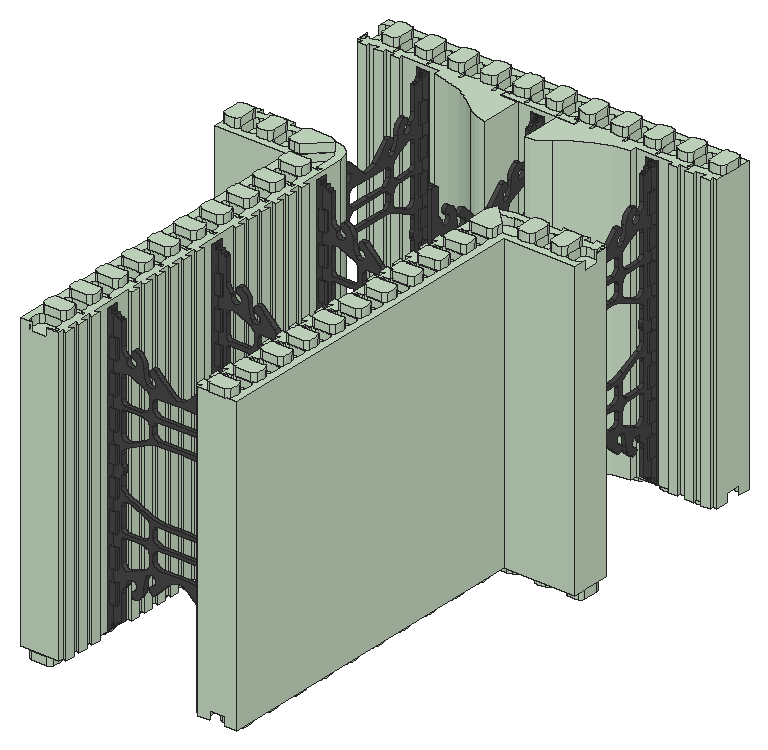
Revit family (continued)
Definition of nested family "NUDURA Logo Diamond"
  Lines and regions (mm)
    model lines
      curve 217: arc (300.341, 0, 238.966) -> (300.898, 0, 237.378) -> (302.326, 0, 236.488) r 2.54
      curve 218: arc (300.341, 0, 241.6) -> (300.886, 0, 242.648) -> (302.057, 0, 242.802) r 1.279
      curve 219: arc (285.685, 0, 308.065) -> (288.475, 0, 314.8) -> (295.21, 0, 317.59) r 9.525
      curve 220: arc (314.26, 0, 317.59) -> (320.995, 0, 314.8) -> (323.785, 0, 308.065) r 9.525
      curve 221: arc (285.685, 0, 149.315) -> (288.475, 0, 142.58) -> (295.21, 0, 139.79) r 9.525
      curve 222: arc (314.26, 0, 139.79) -> (320.995, 0, 142.58) -> (323.785, 0, 149.315) r 9.525
      curve 223: line (253.935, 0, 457.2) -> (253.935, 0, 0)
      curve 224: line (355.535, 0, 457.2) -> (355.535, 0, 0)
      curve 225: line (406.335, 0, 457.2) -> (406.335, 0, 0)
Definition of nested family "NUDURA Diamond Pattern Missing Two Lines"
  Reference planes
    plane 1 "Center (Front/Back)": y = 0
    plane 2: z = 0
    plane 3 "Center (Left/Right)": x = 0
    plane 4: z = 457.2
  Lines and regions (mm)
    model lines
      curve 1: line (50.8, -142.875, 457.2) -> (50.8, -142.875, 0)
      curve 2: line (85.183, -142.875, 431.415) -> (93.906, -142.875, 422.692)
      curve 3: arc (85.183, -142.875, 444.885) -> (82.394, -142.875, 438.15) -> (85.183, -142.875, 431.415) r 9.525
      curve 4: line (94.708, -142.875, 454.41) -> (85.183, -142.875, 444.885)
      curve 5: arc (108.179, -142.875, 454.41) -> (101.444, -142.875, 457.2) -> (94.708, -142.875, 454.41) r 9.525
      curve 6: line (117.704, -142.875, 444.885) -> (108.179, -142.875, 454.41)
      curve 7: arc (117.704, -142.875, 431.415) -> (120.494, -142.875, 438.15) -> (117.704, -142.875, 444.885) r 9.525
      curve 8: line (108.981, -142.875, 422.692) -> (117.704, -142.875, 431.415)
      curve 9: arc (105.934, -142.875, 452.165) -> (101.444, -142.875, 454.025) -> (96.953, -142.875, 452.165) r 6.35
      curve 10: line (115.459, -142.875, 442.64) -> (105.934, -142.875, 452.165)
      curve 11: arc (115.459, -142.875, 433.66) -> (117.319, -142.875, 438.15) -> (115.459, -142.875, 442.64) r 6.35
      curve 12: line (105.934, -142.875, 424.135) -> (115.459, -142.875, 433.66)
      curve 13: arc (96.953, -142.875, 424.135) -> (101.444, -142.875, 422.275) -> (105.934, -142.875, 424.135) r 6.35
      curve 14: line (87.428, -142.875, 433.66) -> (96.953, -142.875, 424.135)
      curve 15: arc (87.428, -142.875, 442.64) -> (85.569, -142.875, 438.15) -> (87.428, -142.875, 433.66) r 6.35
      curve 16: line (96.953, -142.875, 452.165) -> (87.428, -142.875, 442.64)
      curve 17: arc (93.906, -142.875, 415.508) -> (95.394, -142.875, 419.1) -> (93.906, -142.875, 422.692) r 5.08
      curve 18: line (117.704, -142.875, 406.785) -> (108.981, -142.875, 415.508)
      curve 19: arc (117.704, -142.875, 393.315) -> (120.494, -142.875, 400.05) -> (117.704, -142.875, 406.785) r 9.525
      curve 20: line (108.981, -142.875, 384.592) -> (117.704, -142.875, 393.315)
      curve 21: line (85.183, -142.875, 393.315) -> (93.906, -142.875, 384.592)
      curve 22: arc (85.183, -142.875, 406.785) -> (82.394, -142.875, 400.05) -> (85.183, -142.875, 393.315) r 9.525
      curve 23: line (93.906, -142.875, 415.508) -> (85.183, -142.875, 406.785)
      curve 24: arc (105.934, -142.875, 414.065) -> (101.444, -142.875, 415.925) -> (96.953, -142.875, 414.065) r 6.35
      curve 25: line (96.953, -142.875, 414.065) -> (87.428, -142.875, 404.54)
      curve 26: arc (87.428, -142.875, 404.54) -> (85.569, -142.875, 400.05) -> (87.428, -142.875, 395.56) r 6.35
      curve 27: line (87.428, -142.875, 395.56) -> (96.953, -142.875, 386.035)
      curve 28: arc (96.953, -142.875, 386.035) -> (101.444, -142.875, 384.175) -> (105.934, -142.875, 386.035) r 6.35
      curve 29: line (105.934, -142.875, 386.035) -> (115.459, -142.875, 395.56)
      curve 30: arc (115.459, -142.875, 395.56) -> (117.319, -142.875, 400.05) -> (115.459, -142.875, 404.54) r 6.35
      curve 31: line (115.459, -142.875, 404.54) -> (105.934, -142.875, 414.065)
      curve 32: arc (93.906, -142.875, 377.408) -> (95.394, -142.875, 381) -> (93.906, -142.875, 384.592) r 5.08
      curve 33: line (117.704, -142.875, 368.685) -> (108.981, -142.875, 377.408)
      curve 34: arc (117.704, -142.875, 355.215) -> (120.494, -142.875, 361.95) -> (117.704, -142.875, 368.685) r 9.525
      curve 35: line (108.981, -142.875, 346.492) -> (117.704, -142.875, 355.215)
      curve 36: line (85.183, -142.875, 355.215) -> (93.906, -142.875, 346.492)
      curve 37: arc (85.183, -142.875, 368.685) -> (82.394, -142.875, 361.95) -> (85.183, -142.875, 355.215) r 9.525
      curve 38: line (93.906, -142.875, 377.408) -> (85.183, -142.875, 368.685)
      curve 39: arc (105.934, -142.875, 375.965) -> (101.444, -142.875, 377.825) -> (96.953, -142.875, 375.965) r 6.35
      curve 40: line (96.953, -142.875, 375.965) -> (87.428, -142.875, 366.44)
      curve 41: arc (87.428, -142.875, 366.44) -> (85.569, -142.875, 361.95) -> (87.428, -142.875, 357.46) r 6.35
      curve 42: line (87.428, -142.875, 357.46) -> (96.953, -142.875, 347.935)
      curve 43: arc (96.953, -142.875, 347.935) -> (101.444, -142.875, 346.075) -> (105.934, -142.875, 347.935) r 6.35
      curve 44: line (105.934, -142.875, 347.935) -> (115.459, -142.875, 357.46)
      curve 45: arc (115.459, -142.875, 357.46) -> (117.319, -142.875, 361.95) -> (115.459, -142.875, 366.44) r 6.35
      curve 46: line (115.459, -142.875, 366.44) -> (105.934, -142.875, 375.965)
      curve 47: arc (93.906, -142.875, 339.308) -> (95.394, -142.875, 342.9) -> (93.906, -142.875, 346.492) r 5.08
      curve 48: line (117.704, -142.875, 330.585) -> (108.981, -142.875, 339.308)
      curve 49: arc (117.704, -142.875, 317.115) -> (120.494, -142.875, 323.85) -> (117.704, -142.875, 330.585) r 9.525
      curve 50: line (108.981, -142.875, 308.392) -> (117.704, -142.875, 317.115)
      curve 51: line (85.183, -142.875, 317.115) -> (93.906, -142.875, 308.392)
      curve 52: arc (85.183, -142.875, 330.585) -> (82.394, -142.875, 323.85) -> (85.183, -142.875, 317.115) r 9.525
      curve 53: line (93.906, -142.875, 339.308) -> (85.183, -142.875, 330.585)
      curve 54: arc (105.934, -142.875, 337.865) -> (101.444, -142.875, 339.725) -> (96.953, -142.875, 337.865) r 6.35
      curve 55: line (96.953, -142.875, 337.865) -> (87.428, -142.875, 328.34)
      curve 56: arc (87.428, -142.875, 328.34) -> (85.569, -142.875, 323.85) -> (87.428, -142.875, 319.36) r 6.35
      curve 57: line (87.428, -142.875, 319.36) -> (96.953, -142.875, 309.835)
      curve 58: arc (96.953, -142.875, 309.835) -> (101.444, -142.875, 307.975) -> (105.934, -142.875, 309.835) r 6.35
      curve 59: line (105.934, -142.875, 309.835) -> (115.459, -142.875, 319.36)
      curve 60: arc (115.459, -142.875, 319.36) -> (117.319, -142.875, 323.85) -> (115.459, -142.875, 328.34) r 6.35
      curve 61: line (115.459, -142.875, 328.34) -> (105.934, -142.875, 337.865)
      curve 62: arc (93.906, -142.875, 301.208) -> (95.394, -142.875, 304.8) -> (93.906, -142.875, 308.392) r 5.08
      curve 63: line (117.704, -142.875, 292.485) -> (108.981, -142.875, 301.208)
      curve 64: arc (117.704, -142.875, 279.015) -> (120.494, -142.875, 285.75) -> (117.704, -142.875, 292.485) r 9.525
      curve 65: line (108.981, -142.875, 270.292) -> (117.704, -142.875, 279.015)
      curve 66: line (85.183, -142.875, 279.015) -> (93.906, -142.875, 270.292)
      curve 67: arc (85.183, -142.875, 292.485) -> (82.394, -142.875, 285.75) -> (85.183, -142.875, 279.015) r 9.525
      curve 68: line (93.906, -142.875, 301.208) -> (85.183, -142.875, 292.485)
      curve 69: arc (105.934, -142.875, 299.765) -> (101.444, -142.875, 301.625) -> (96.953, -142.875, 299.765) r 6.35
      curve 70: line (96.953, -142.875, 299.765) -> (87.428, -142.875, 290.24)
      curve 71: arc (87.428, -142.875, 290.24) -> (85.569, -142.875, 285.75) -> (87.428, -142.875, 281.26) r 6.35
      curve 72: line (87.428, -142.875, 281.26) -> (96.953, -142.875, 271.735)
      curve 73: arc (96.953, -142.875, 271.735) -> (101.444, -142.875, 269.875) -> (105.934, -142.875, 271.735) r 6.35
      curve 74: line (105.934, -142.875, 271.735) -> (115.459, -142.875, 281.26)
      curve 75: arc (115.459, -142.875, 281.26) -> (117.319, -142.875, 285.75) -> (115.459, -142.875, 290.24) r 6.35
      curve 76: line (115.459, -142.875, 290.24) -> (105.934, -142.875, 299.765)
      curve 77: arc (93.906, -142.875, 263.108) -> (95.394, -142.875, 266.7) -> (93.906, -142.875, 270.292) r 5.08
      curve 78: line (117.704, -142.875, 254.385) -> (108.981, -142.875, 263.108)
      curve 79: arc (117.704, -142.875, 240.915) -> (120.494, -142.875, 247.65) -> (117.704, -142.875, 254.385) r 9.525
      curve 80: line (108.981, -142.875, 232.192) -> (117.704, -142.875, 240.915)
      curve 81: line (85.183, -142.875, 240.915) -> (93.906, -142.875, 232.192)
      curve 82: arc (85.183, -142.875, 254.385) -> (82.394, -142.875, 247.65) -> (85.183, -142.875, 240.915) r 9.525
      curve 83: line (93.906, -142.875, 263.108) -> (85.183, -142.875, 254.385)
      curve 84: arc (105.934, -142.875, 261.665) -> (101.444, -142.875, 263.525) -> (96.953, -142.875, 261.665) r 6.35
      curve 85: line (96.953, -142.875, 261.665) -> (87.428, -142.875, 252.14)
      curve 86: arc (87.428, -142.875, 252.14) -> (85.569, -142.875, 247.65) -> (87.428, -142.875, 243.16) r 6.35
      curve 87: line (87.428, -142.875, 243.16) -> (96.953, -142.875, 233.635)
      curve 88: arc (96.953, -142.875, 233.635) -> (101.444, -142.875, 231.775) -> (105.934, -142.875, 233.635) r 6.35
      curve 89: line (105.934, -142.875, 233.635) -> (115.459, -142.875, 243.16)
      curve 90: arc (115.459, -142.875, 243.16) -> (117.319, -142.875, 247.65) -> (115.459, -142.875, 252.14) r 6.35
      curve 91: line (115.459, -142.875, 252.14) -> (105.934, -142.875, 261.665)
      curve 92: arc (93.906, -142.875, 225.008) -> (95.394, -142.875, 228.6) -> (93.906, -142.875, 232.192) r 5.08
      curve 93: line (117.704, -142.875, 216.285) -> (108.981, -142.875, 225.008)
      curve 94: arc (117.704, -142.875, 202.815) -> (120.494, -142.875, 209.55) -> (117.704, -142.875, 216.285) r 9.525
      curve 95: line (108.981, -142.875, 194.092) -> (117.704, -142.875, 202.815)
      curve 96: line (85.183, -142.875, 202.815) -> (93.906, -142.875, 194.092)
      curve 97: arc (85.183, -142.875, 216.285) -> (82.394, -142.875, 209.55) -> (85.183, -142.875, 202.815) r 9.525
      curve 98: line (93.906, -142.875, 225.008) -> (85.183, -142.875, 216.285)
      curve 99: arc (105.934, -142.875, 223.565) -> (101.444, -142.875, 225.425) -> (96.953, -142.875, 223.565) r 6.35
      curve 100: line (96.953, -142.875, 223.565) -> (87.428, -142.875, 214.04)
      curve 101: arc (87.428, -142.875, 214.04) -> (85.569, -142.875, 209.55) -> (87.428, -142.875, 205.06) r 6.35
      curve 102: line (87.428, -142.875, 205.06) -> (96.953, -142.875, 195.535)
      curve 103: arc (96.953, -142.875, 195.535) -> (101.444, -142.875, 193.675) -> (105.934, -142.875, 195.535) r 6.35
      curve 104: line (105.934, -142.875, 195.535) -> (115.459, -142.875, 205.06)
      curve 105: arc (115.459, -142.875, 205.06) -> (117.319, -142.875, 209.55) -> (115.459, -142.875, 214.04) r 6.35
      curve 106: line (115.459, -142.875, 214.04) -> (105.934, -142.875, 223.565)
      curve 107: arc (93.906, -142.875, 186.908) -> (95.394, -142.875, 190.5) -> (93.906, -142.875, 194.092) r 5.08
      curve 108: line (117.704, -142.875, 178.185) -> (108.981, -142.875, 186.908)
      curve 109: arc (117.704, -142.875, 164.715) -> (120.494, -142.875, 171.45) -> (117.704, -142.875, 178.185) r 9.525
      curve 110: line (108.981, -142.875, 155.992) -> (117.704, -142.875, 164.715)
      curve 111: line (85.183, -142.875, 164.715) -> (93.906, -142.875, 155.992)
      curve 112: arc (85.183, -142.875, 178.185) -> (82.394, -142.875, 171.45) -> (85.183, -142.875, 164.715) r 9.525
      curve 113: line (93.906, -142.875, 186.908) -> (85.183, -142.875, 178.185)
      curve 114: arc (105.934, -142.875, 185.465) -> (101.444, -142.875, 187.325) -> (96.953, -142.875, 185.465) r 6.35
      curve 115: line (96.953, -142.875, 185.465) -> (87.428, -142.875, 175.94)
      curve 116: arc (87.428, -142.875, 175.94) -> (85.569, -142.875, 171.45) -> (87.428, -142.875, 166.96) r 6.35
      curve 117: line (87.428, -142.875, 166.96) -> (96.953, -142.875, 157.435)
      curve 118: arc (96.953, -142.875, 157.435) -> (101.444, -142.875, 155.575) -> (105.934, -142.875, 157.435) r 6.35
      curve 119: line (105.934, -142.875, 157.435) -> (115.459, -142.875, 166.96)
      curve 120: arc (115.459, -142.875, 166.96) -> (117.319, -142.875, 171.45) -> (115.459, -142.875, 175.94) r 6.35
      curve 121: line (115.459, -142.875, 175.94) -> (105.934, -142.875, 185.465)
      curve 122: arc (93.906, -142.875, 148.808) -> (95.394, -142.875, 152.4) -> (93.906, -142.875, 155.992) r 5.08
      curve 123: line (117.704, -142.875, 140.085) -> (108.981, -142.875, 148.808)
      curve 124: arc (117.704, -142.875, 126.615) -> (120.494, -142.875, 133.35) -> (117.704, -142.875, 140.085) r 9.525
      curve 125: line (108.981, -142.875, 117.892) -> (117.704, -142.875, 126.615)
      curve 126: line (85.183, -142.875, 126.615) -> (93.906, -142.875, 117.892)
      curve 127: arc (85.183, -142.875, 140.085) -> (82.394, -142.875, 133.35) -> (85.183, -142.875, 126.615) r 9.525
      curve 128: line (93.906, -142.875, 148.808) -> (85.183, -142.875, 140.085)
      curve 129: arc (105.934, -142.875, 147.365) -> (101.444, -142.875, 149.225) -> (96.953, -142.875, 147.365) r 6.35
      curve 130: line (96.953, -142.875, 147.365) -> (87.428, -142.875, 137.84)
      curve 131: arc (87.428, -142.875, 137.84) -> (85.569, -142.875, 133.35) -> (87.428, -142.875, 128.86) r 6.35
      curve 132: line (87.428, -142.875, 128.86) -> (96.953, -142.875, 119.335)
      curve 133: arc (96.953, -142.875, 119.335) -> (101.444, -142.875, 117.475) -> (105.934, -142.875, 119.335) r 6.35
      curve 134: line (105.934, -142.875, 119.335) -> (115.459, -142.875, 128.86)
      curve 135: arc (115.459, -142.875, 128.86) -> (117.319, -142.875, 133.35) -> (115.459, -142.875, 137.84) r 6.35
      curve 136: line (115.459, -142.875, 137.84) -> (105.934, -142.875, 147.365)
      curve 137: arc (93.906, -142.875, 110.708) -> (95.394, -142.875, 114.3) -> (93.906, -142.875, 117.892) r 5.08
      curve 138: line (117.704, -142.875, 101.985) -> (108.981, -142.875, 110.708)
      curve 139: arc (117.704, -142.875, 88.515) -> (120.494, -142.875, 95.25) -> (117.704, -142.875, 101.985) r 9.525
      curve 140: line (108.981, -142.875, 79.792) -> (117.704, -142.875, 88.515)
      curve 141: line (85.183, -142.875, 88.515) -> (93.906, -142.875, 79.792)
      curve 142: arc (85.183, -142.875, 101.985) -> (82.394, -142.875, 95.25) -> (85.183, -142.875, 88.515) r 9.525
      curve 143: line (93.906, -142.875, 110.708) -> (85.183, -142.875, 101.985)
      curve 144: arc (105.934, -142.875, 109.265) -> (101.444, -142.875, 111.125) -> (96.953, -142.875, 109.265) r 6.35
      curve 145: line (96.953, -142.875, 109.265) -> (87.428, -142.875, 99.74)
      curve 146: arc (87.428, -142.875, 99.74) -> (85.569, -142.875, 95.25) -> (87.428, -142.875, 90.76) r 6.35
      curve 147: line (87.428, -142.875, 90.76) -> (96.953, -142.875, 81.235)
      curve 148: arc (96.953, -142.875, 81.235) -> (101.444, -142.875, 79.375) -> (105.934, -142.875, 81.235) r 6.35
      curve 149: line (105.934, -142.875, 81.235) -> (115.459, -142.875, 90.76)
      curve 150: arc (115.459, -142.875, 90.76) -> (117.319, -142.875, 95.25) -> (115.459, -142.875, 99.74) r 6.35
      curve 151: line (115.459, -142.875, 99.74) -> (105.934, -142.875, 109.265)
      curve 152: arc (93.906, -142.875, 72.608) -> (95.394, -142.875, 76.2) -> (93.906, -142.875, 79.792) r 5.08
      curve 153: line (117.704, -142.875, 63.885) -> (108.981, -142.875, 72.608)
      curve 154: arc (117.704, -142.875, 50.415) -> (120.494, -142.875, 57.15) -> (117.704, -142.875, 63.885) r 9.525
      curve 155: line (108.981, -142.875, 41.692) -> (117.704, -142.875, 50.415)
      curve 156: line (85.183, -142.875, 50.415) -> (93.906, -142.875, 41.692)
      curve 157: arc (85.183, -142.875, 63.885) -> (82.394, -142.875, 57.15) -> (85.183, -142.875, 50.415) r 9.525
      curve 158: line (93.906, -142.875, 72.608) -> (85.183, -142.875, 63.885)
      curve 159: arc (105.934, -142.875, 71.165) -> (101.444, -142.875, 73.025) -> (96.953, -142.875, 71.165) r 6.35
      curve 160: line (96.953, -142.875, 71.165) -> (87.428, -142.875, 61.64)
      curve 161: arc (87.428, -142.875, 61.64) -> (85.569, -142.875, 57.15) -> (87.428, -142.875, 52.66) r 6.35
      curve 162: line (87.428, -142.875, 52.66) -> (96.953, -142.875, 43.135)
      curve 163: arc (96.953, -142.875, 43.135) -> (101.444, -142.875, 41.275) -> (105.934, -142.875, 43.135) r 6.35
      curve 164: line (105.934, -142.875, 43.135) -> (115.459, -142.875, 52.66)
      curve 165: arc (115.459, -142.875, 52.66) -> (117.319, -142.875, 57.15) -> (115.459, -142.875, 61.64) r 6.35
      curve 166: line (115.459, -142.875, 61.64) -> (105.934, -142.875, 71.165)
      curve 167: arc (93.906, -142.875, 34.508) -> (95.394, -142.875, 38.1) -> (93.906, -142.875, 41.692) r 5.08
      curve 168: line (93.906, -142.875, 34.508) -> (85.183, -142.875, 25.785)
      curve 169: arc (85.183, -142.875, 25.785) -> (82.394, -142.875, 19.05) -> (85.183, -142.875, 12.315) r 9.525
      curve 170: line (85.183, -142.875, 12.315) -> (94.708, -142.875, 2.79)
      curve 171: arc (94.708, -142.875, 2.79) -> (101.444, -142.875, 0) -> (108.179, -142.875, 2.79) r 9.525
      curve 172: line (108.179, -142.875, 2.79) -> (117.704, -142.875, 12.315)
      curve 173: arc (117.704, -142.875, 12.315) -> (120.494, -142.875, 19.05) -> (117.704, -142.875, 25.785) r 9.525
      curve 174: line (117.704, -142.875, 25.785) -> (108.981, -142.875, 34.508)
      curve 175: arc (108.981, -142.875, 41.692) -> (107.493, -142.875, 38.1) -> (108.981, -142.875, 34.508) r 5.08
      curve 176: arc (105.934, -142.875, 33.065) -> (101.444, -142.875, 34.925) -> (96.953, -142.875, 33.065) r 6.35
      curve 177: line (115.459, -142.875, 23.54) -> (105.934, -142.875, 33.065)
      curve 178: arc (115.459, -142.875, 14.56) -> (117.319, -142.875, 19.05) -> (115.459, -142.875, 23.54) r 6.35
      curve 179: line (105.934, -142.875, 5.035) -> (115.459, -142.875, 14.56)
      curve 180: arc (96.953, -142.875, 5.035) -> (101.444, -142.875, 3.175) -> (105.934, -142.875, 5.035) r 6.35
      curve 181: line (87.428, -142.875, 14.56) -> (96.953, -142.875, 5.035)
      curve 182: arc (87.428, -142.875, 23.54) -> (85.569, -142.875, 19.05) -> (87.428, -142.875, 14.56) r 6.35
      curve 183: line (96.953, -142.875, 33.065) -> (87.428, -142.875, 23.54)
      curve 184: arc (108.981, -142.875, 79.792) -> (107.493, -142.875, 76.2) -> (108.981, -142.875, 72.608) r 5.08
      curve 185: arc (108.981, -142.875, 117.892) -> (107.493, -142.875, 114.3) -> (108.981, -142.875, 110.708) r 5.08
      curve 186: arc (108.981, -142.875, 155.992) -> (107.493, -142.875, 152.4) -> (108.981, -142.875, 148.808) r 5.08
      curve 187: arc (108.981, -142.875, 194.092) -> (107.493, -142.875, 190.5) -> (108.981, -142.875, 186.908) r 5.08
      curve 188: arc (108.981, -142.875, 232.192) -> (107.493, -142.875, 228.6) -> (108.981, -142.875, 225.008) r 5.08
      curve 189: arc (108.981, -142.875, 270.292) -> (107.493, -142.875, 266.7) -> (108.981, -142.875, 263.108) r 5.08
      curve 190: arc (108.981, -142.875, 308.392) -> (107.493, -142.875, 304.8) -> (108.981, -142.875, 301.208) r 5.08
      curve 191: arc (108.981, -142.875, 346.492) -> (107.493, -142.875, 342.9) -> (108.981, -142.875, 339.308) r 5.08
      curve 192: arc (108.981, -142.875, 384.592) -> (107.493, -142.875, 381) -> (108.981, -142.875, 377.408) r 5.08
      curve 193: arc (108.981, -142.875, 422.692) -> (107.493, -142.875, 419.1) -> (108.981, -142.875, 415.508) r 5.08
